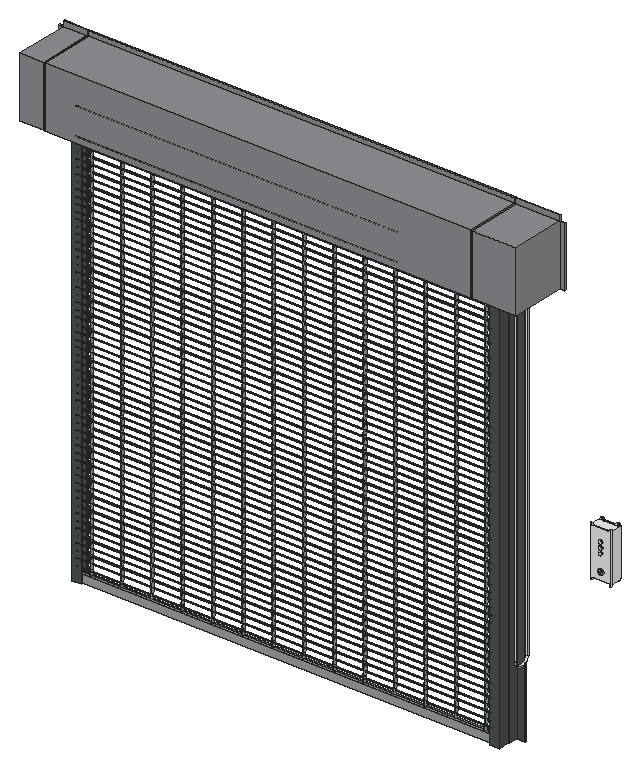
Revit family "Doors_Industrial_Overhead-Door-Corporation_EverServe-Springless-Security-Grilles-671S", category Specialty Equipment, host Wall, Revit 2026
Family settings
  Host = Wall
  Round Connector Dimension = Use Diameter
  Part Type = Normal
  Classification Number = 23.30.10.21.34
  Enable Cutting in Views = No
  Always vertical = Yes
  Cut with Voids When Loaded = Yes
  Maintain Annotation Orientation = No
  Shared = No
  Room Calculation Point = No
Parameters (values of type "208 volts, one phase, 60 Hz (208-240V range)")
  Warning Sign [instance] = if(Calculated Area > 683.00 SF, 1 = 1, 1 = 2)  # no
  Warning (Note) [instance] = if(Warning Sign, "The Door Area is out of the limit; please adjust accordingly. The maximum allowed area is 683 sq. ft.", if(Opening Height > 360", "Headroom Clearance Dimensions - out of the limits. Consult Factory", " "))  # " "
  Wall Thickness [instance] = 6"
  Voltage = 208 V
  True Opening Width [instance] = Clear Width  # 120"
  True Opening Height [instance] = Clear Height  # 120"
  Default Elevation = 0"
  Curtain Option [instance] = 1
  Slat Length [instance] = Clear Width + G Value * 2 - 1" / 2 * 2  # 126"
  Slat Height [instance] = 8"  # constant formula
  Curtain Option Real [instance] = if(Curtain Option < 2, 1, 2)  # 1
  Product Page URL = "https://www.overheaddoor.com/springless-security-grilles-671s"
  Power Factor = 1
  Powder Coat (Note) = "PowderGuard® Premium powder coat finish options are available in approximately 200 colors as well as custom matching to specification. PowderGuard® Textured finish, a thicker, more scratch resistant coat, is available in 11 colors providing enhanced scratch resistance as well as aiding in hiding the dirt and blemishes that often occur in commercial environments.​"  # constant formula
  Opening Width Real [instance] = if(Opening Width > Max Opening Width, Max Opening Width, if(Opening Width < Min Opening Width, Min Opening Width, Opening Width))  # 120"
  Opening Width [instance] = 120"
  Opening Height Real [instance] = if(Opening Height > Max Opening Height, Max Opening Height, if(Opening Height < Min Opening Height, Min Opening Height, Opening Height))  # 120"
  Opening Height [instance] = 120"
  One Array element [instance] = not(Array Vis)  # no
  Number of Poles = 1
  Motor Position [instance] = M Value - G Value  # 2 3/4"
  Min Opening Width [instance] = 18"  # constant formula
  Min Opening Height [instance] = 24"  # constant formula
  Max Opening Width [instance] = 360"  # constant formula
  Max Opening Height [instance] = 172"  # constant formula
  M Value [instance] = if(or(Opening Width < 108", Opening Width = 108"), 5 3/4", if(or(Opening Width < 180", Opening Width = 180"), 6 1/4", if(or(Opening Width < 240", Opening Width = 240"), 7 1/4", 9 1/4")))  # 6 1/4"
  Installation Real [instance] = Wall Thickness  # 6"
  Hood Type [instance] = "Square Hood"  # constant formula
  Hood Offset [instance] = 4"  # constant formula
  Hood Material [instance] = Metal - Overhead Door - Gray
  Hood Height [instance] = A Value + 2"  # 18"
  Headroom Height Real [instance] = Hood Offset + Hood Height  # 22"
  Headroom Height [instance] = Headroom Height Real + 1 1/2"  # 23 1/2"
  Guide Type [instance] = "Angled Z Guide"  # constant formula
  Guid Depth [instance] = D Value  # 6 1/4"
  G Value [instance] = if(or(Opening Width < 108", Opening Width = 108"), 3", if(or(Opening Width < 180", Opening Width = 180"), 3 1/2", if(or(Opening Width < 240", Opening Width = 240"), 4", 5 9/16")))  # 3 1/2"
  Frequency = 60 Hz
  Face of Wall Offset [instance] = 5"  # constant formula
  Door Width True [instance] = Clear Width + M Value * 2  # 132 1/2"
  Door Width (Real) [instance] = Clear Width + 1"  # 121"
  Door Height True [instance] = Clear Width + Headroom Height  # 143 1/2"
  Door Height (Real) [instance] = Clear Height + Hood Offset  # 124"
  URL = "https://www.overheaddoor.com/"
  Product data url = "https://www.bimobject.com/overhead-door/product/springless-security-grilles-671s"
  Product Guid = "0afe8b5e-bed1-4084-885f-62fec23f1598"
  Model = "671S"  # constant formula
  Manufacturer = "Overhead Door Corporation"  # constant formula
  Wall Closure = By host
  Floor To (CL) of Shaft [instance] = Clear Height + Hood Height / 2 + Hood Offset  # 133"
  Finish Material = Finish - Overhead Door - Black
  Description = "Everserve Model 671S Springless Grille"  # constant formula
  D Value [instance] = if(or(Opening Width < 108", Opening Width = 108"), 5 11/16", if(or(Opening Width < 180", Opening Width = 180"), 6 1/4", if(or(Opening Width < 240", Opening Width = 240"), 6 3/16", 7 1/16")))  # 6 1/4"
  Curtain Type [instance] = if(Curtain Option < 2, "Lattice", "Brick")  # "Lattice"
  Curtain Material Type [instance] = 671S : Aluminum
  Curtain Material 2 [instance] = 671S : Stainless Steel
  Curtain Material 1 [instance] = 671S : Aluminum
  Clear Width [instance] = Opening Width Real  # 120"
  Clear Height [instance] = Opening Height Real  # 120"
  Current = 20 A
  Bottom Bar Selection [instance] = if(Curtain Material Type = Curtain Material 1, 1, 2)  # 1
  Backroom Depth [instance] = A Value + 1/2"  # 16 1/2"
  BJ Displacement Real [instance] = 0"  # constant formula
  Array Vis [instance] = if(Array < 2, 1 = 2, 1 = 1)  # yes
  Array Real [instance] = if(Array < 2, 2, Array)  # 16
  Array Length [instance] = (Array) * Slat Height  # 128"
  Array [instance] = rounddown(([Door Height (Real)] - 3") / Slat Height) + 1  # 16
  Calculated Area [instance] = [Door Width (Real)] * [Door Height (Real)]  # 104.194 SF
  Apparent Load Phase 3 = if(Number of Poles = 1, 0 VA, (Voltage * Current * sqrt(3)) / 3)  # 0 VA
  Apparent Load Phase 2 = if(Number of Poles = 1, 0 VA, (Voltage * Current * sqrt(3)) / 3)  # 0 VA
  Apparent Load Phase 1 = if(Number of Poles = 1, Voltage * Current, (Voltage * Current * sqrt(3)) / 3)  # 4160 VA
  A Value [instance] = if(or(Clear Height < 72", Clear Height = 72"), 14", if(or(Clear Height < 120", Clear Height = 120"), 16", 18"))  # 16"
Reference planes (in)
  plane 1 "Center (Front/Back)": y = -14.625
  plane 2 "Center (Left/Right)": x = 0
  plane 3 "Left": x = -60
  plane 4 "Right": x = 60
  plane 5 "Exterior": y = -8.625
  plane 6 "Interior": y = -14.625
  plane 7: x = 66.25
  plane 8: x = -66.25
  plane 9: z = 120
  plane 10 "Main": y = -20.125
  plane 11 "Backroom Depth": y = -32.125
  plane 12 "Main Door Block": y = -15.625
  plane 13 "Bottom Bar": z = 2.75
  plane 14: y = -20.875
  plane 15: z = 130.75
  plane 16: z = 142
  plane 17: z = 124
  plane 18: z = 143.5
  plane 19: z = 0
  plane 20: z = 60
  plane 21: y = -20.03125
  plane 22: y = 18.375
  plane 23: y = -41.625
  plane 24 "Headroom Top": z = 143.5
  plane 25: z = 133
  plane 26: x = 63.5
  plane 27: x = -63.5
  plane 28: z = 122.75
  plane 29: z = 2.75
  plane 30: y = -20.125
  plane 31: z = 122.75
  plane 32: y = -20.125
  plane 33: z = 10.75
  plane 34: y = -20.125
  plane 35: z = 18.75
  plane 36: y = -20.125
  plane 37: z = 26.75
  plane 38: y = -20.125
  plane 39: z = 34.75
  plane 40: y = -20.125
  plane 41: z = 42.75
  plane 42: y = -20.125
  plane 43: z = 50.75
  plane 44: y = -20.125
  plane 45: z = 58.75
  plane 46: y = -20.125
  plane 47: z = 66.75
  plane 48: y = -20.125
  plane 49: z = 74.75
  plane 50: y = -20.125
  plane 51: z = 82.75
  plane 52: y = -20.125
  plane 53: z = 90.75
  plane 54: y = -20.125
  plane 55: z = 98.75
  plane 56: y = -20.125
  plane 57: z = 106.75
  plane 58: y = -20.125
  plane 59: z = 114.75
  plane 60: y = -20.125
Forms (in)
  Extrusion 1, void
    sketch origin (0, -15.625, 0) x (0, 0, -1) y (-1, 0, 0)
      loop
        line (-120, 60) -> (-120, -60) -> (0, -60) -> (0, 60) -> (-120, 60)
    from 1 to 7
Text (in)
  text "Exterior" at (-74.96733, 27.31104, 0), in view "Ref. Level"
  text "Interior" at (-74.96733, -25.14366, 0), in view "Ref. Level"
  text "Exterior" at (0, 40.15149, 123.01588), in view "Right"
  text "Interior" at (0, -64.39139, 123.01588), in view "Right"
  text "Interior" at (0, -31.01599, 123.00693), in view "Left"
  text "Exterior" at (0, 54.57065, 123.00693), in view "Left"
Dimensions and locks (in)
  equal spacing: plane 3 "Left", plane 2 "Center (Left/Right)", plane 4 "Right"
  "Clear Width": plane 3 "Left" to plane 4 "Right"
  level to host wall = 459.59655"
  "Clear Height": level to plane 9
  plane 7 to plane 8 = 132 1/2"
  equal spacing: plane 7, plane 2 "Center (Left/Right)", plane 8
  locked: plane 13 "Bottom Bar" to level at 2.75
  "Door Width True": plane 7 to plane 8
  "Array Length": plane 15 to plane 13 "Bottom Bar"
  "Backroom Depth": plane 11 "Backroom Depth" to plane 12 "Main Door Block"
  "Hood Height": plane 16 to plane 17
  locked: plane 18 to plane 16 at 1.5
  "Installation Real": plane 1 "Center (Front/Back)" to plane 5 "Exterior"
  "Wall Thickness": host wall to host wall
  equal spacing: plane 9, plane 20, plane 19
  equal spacing: plane 22, host wall, plane 23
  locked: plane 22 to plane 23 at 60
  "Hood Offset": plane 17 to plane 9
  "Headroom Height": plane 24 "Headroom Top" to plane 9
  "Floor To (CL) of Shaft": plane 25 to level
  "Motor Position": plane 7 to plane 26
  "Motor Position": plane 27 to plane 8
  "Guid Depth": plane 14 to plane 1 "Center (Front/Back)"
  "Slat Height": plane 15 to plane 28
  equal spacing: group 2, group 16, group 15, group 14, group 13, group 12, group 11, group 10, group 9, group 8, group 7, group 6, group 5, group 4, group 3, group 1  (x2)
  equal spacing: group 1, group 3, group 4, group 5, group 6, group 7, group 8, group 9, group 10, group 11, group 12, group 13, group 14, group 15, group 16, group 2
  locked: plane 14 to plane 10 "Main" at 0.75
  locked: plane 14 to plane 21 at 0.84375
  aligned and locked: plane 5 "Exterior" to host wall
  aligned and locked: host wall to plane 6 "Interior"
  aligned and locked: level to Extrusion 1 sketch curve
  aligned and locked: Extrusion 1 to plane 5 "Exterior"
  aligned and locked: plane 6 "Interior" to Extrusion 1
  aligned and locked: nested 1 to plane 2 "Center (Left/Right)"
  aligned and locked: nested 1 to level
  aligned and locked: level to plane 19
  aligned and locked: nested 1 to plane 1 "Center (Front/Back)"
  aligned and locked: plane 2 "Center (Left/Right)" to nested 2
  aligned and locked: nested 2 to plane 22
  aligned and locked: plane 23 to nested 3
  aligned and locked: nested 3 to plane 2 "Center (Left/Right)"
  aligned and locked: nested 4 to plane 20
  aligned and locked: plane 2 "Center (Left/Right)" to nested 4
  aligned and locked: nested 4 to plane 21
  aligned and locked: plane 4 "Right" to Extrusion 1 sketch curve
  aligned and locked: plane 3 "Left" to Extrusion 1 sketch curve
  aligned and locked: Extrusion 1 sketch curve to plane 9
  aligned and locked: plane 13 "Bottom Bar" to plane 29
  aligned and locked: plane 30 to plane 10 "Main"
  aligned and locked: plane 32 to plane 10 "Main"
  aligned and locked: plane 28 to plane 31
Nested families (in)
  nested 1: "Lifts" at (0, -14.625, 0), type "Frame Unit"
    with Square Hood yes, Round Hood no, Right Motor Position yes, Octagon Hood no, No Hood no
  nested 2: "Label Annotation 1" at (0, 18.375, 0), visible <- "Warning Sign", type "Label Annotation 1"
  nested 3: "Label Annotation 1" at (0, -41.625, 0) x (-1, 0, 0) z (0, 0, 1), visible <- "Warning Sign", type "Label Annotation 1"
  nested 4: "Warning Sign" at (0, -20.03125, 60), visible <- "Warning Sign", type "Warning Sign"
    with Warning Sign no
  nested 5: "671S" at (0, -20.125, 2.75), type <- "Curtain Material Type", Opening Width <- "Slat Length", Slat Option <- "Curtain Option Real", type "Aluminum"
    with Step H 9", Slat Option 1, SetBack 2", Second Rod Position 1.38", Overall Height 8.38", Opening Width 126", Lattice yes, First Rod Position 1", Brick End yes, Brick no, Array Visibility yes, Array Real 13, Array Length 117.16", Array 13, 1 Element Visibility no
  nested 6: "671S" at (0, -20.125, 122.75), type <- "Curtain Material Type", Opening Width <- "Slat Length", Slat Option <- "Curtain Option Real", type "Aluminum"
    with Step H 9", Slat Option 1, SetBack 2", Second Rod Position 1.38", Overall Height 8.38", Opening Width 126", Lattice yes, First Rod Position 1", Brick End yes, Brick no, Array Visibility yes, Array Real 13, Array Length 117.16", Array 13, 1 Element Visibility no
  nested 7: "671S" at (0, -20.125, 10.75), type <- "Curtain Material Type", Opening Width <- "Slat Length", Slat Option <- "Curtain Option Real", type "Aluminum"
    with Step H 9", Slat Option 1, SetBack 2", Second Rod Position 1.38", Overall Height 8.38", Opening Width 126", Lattice yes, First Rod Position 1", Brick End yes, Brick no, Array Visibility yes, Array Real 13, Array Length 117.16", Array 13, 1 Element Visibility no
  nested 8: "671S" at (0, -20.125, 18.75), type <- "Curtain Material Type", Opening Width <- "Slat Length", Slat Option <- "Curtain Option Real", type "Aluminum"
    with Step H 9", Slat Option 1, SetBack 2", Second Rod Position 1.38", Overall Height 8.38", Opening Width 126", Lattice yes, First Rod Position 1", Brick End yes, Brick no, Array Visibility yes, Array Real 13, Array Length 117.16", Array 13, 1 Element Visibility no
  nested 9: "671S" at (0, -20.125, 26.75), type <- "Curtain Material Type", Opening Width <- "Slat Length", Slat Option <- "Curtain Option Real", type "Aluminum"
    with Step H 9", Slat Option 1, SetBack 2", Second Rod Position 1.38", Overall Height 8.38", Opening Width 126", Lattice yes, First Rod Position 1", Brick End yes, Brick no, Array Visibility yes, Array Real 13, Array Length 117.16", Array 13, 1 Element Visibility no
  nested 10: "671S" at (0, -20.125, 34.75), type <- "Curtain Material Type", Opening Width <- "Slat Length", Slat Option <- "Curtain Option Real", type "Aluminum"
    with Step H 9", Slat Option 1, SetBack 2", Second Rod Position 1.38", Overall Height 8.38", Opening Width 126", Lattice yes, First Rod Position 1", Brick End yes, Brick no, Array Visibility yes, Array Real 13, Array Length 117.16", Array 13, 1 Element Visibility no
  nested 11: "671S" at (0, -20.125, 42.75), type <- "Curtain Material Type", Opening Width <- "Slat Length", Slat Option <- "Curtain Option Real", type "Aluminum"
    with Step H 9", Slat Option 1, SetBack 2", Second Rod Position 1.38", Overall Height 8.38", Opening Width 126", Lattice yes, First Rod Position 1", Brick End yes, Brick no, Array Visibility yes, Array Real 13, Array Length 117.16", Array 13, 1 Element Visibility no
  nested 12: "671S" at (0, -20.125, 50.75), type <- "Curtain Material Type", Opening Width <- "Slat Length", Slat Option <- "Curtain Option Real", type "Aluminum"
    with Step H 9", Slat Option 1, SetBack 2", Second Rod Position 1.38", Overall Height 8.38", Opening Width 126", Lattice yes, First Rod Position 1", Brick End yes, Brick no, Array Visibility yes, Array Real 13, Array Length 117.16", Array 13, 1 Element Visibility no
  nested 13: "671S" at (0, -20.125, 58.75), type <- "Curtain Material Type", Opening Width <- "Slat Length", Slat Option <- "Curtain Option Real", type "Aluminum"
    with Step H 9", Slat Option 1, SetBack 2", Second Rod Position 1.38", Overall Height 8.38", Opening Width 126", Lattice yes, First Rod Position 1", Brick End yes, Brick no, Array Visibility yes, Array Real 13, Array Length 117.16", Array 13, 1 Element Visibility no
  nested 14: "671S" at (0, -20.125, 66.75), type <- "Curtain Material Type", Opening Width <- "Slat Length", Slat Option <- "Curtain Option Real", type "Aluminum"
    with Step H 9", Slat Option 1, SetBack 2", Second Rod Position 1.38", Overall Height 8.38", Opening Width 126", Lattice yes, First Rod Position 1", Brick End yes, Brick no, Array Visibility yes, Array Real 13, Array Length 117.16", Array 13, 1 Element Visibility no
  nested 15: "671S" at (0, -20.125, 74.75), type <- "Curtain Material Type", Opening Width <- "Slat Length", Slat Option <- "Curtain Option Real", type "Aluminum"
    with Step H 9", Slat Option 1, SetBack 2", Second Rod Position 1.38", Overall Height 8.38", Opening Width 126", Lattice yes, First Rod Position 1", Brick End yes, Brick no, Array Visibility yes, Array Real 13, Array Length 117.16", Array 13, 1 Element Visibility no
  nested 16: "671S" at (0, -20.125, 82.75), type <- "Curtain Material Type", Opening Width <- "Slat Length", Slat Option <- "Curtain Option Real", type "Aluminum"
    with Step H 9", Slat Option 1, SetBack 2", Second Rod Position 1.38", Overall Height 8.38", Opening Width 126", Lattice yes, First Rod Position 1", Brick End yes, Brick no, Array Visibility yes, Array Real 13, Array Length 117.16", Array 13, 1 Element Visibility no
  nested 17: "671S" at (0, -20.125, 90.75), type <- "Curtain Material Type", Opening Width <- "Slat Length", Slat Option <- "Curtain Option Real", type "Aluminum"
    with Step H 9", Slat Option 1, SetBack 2", Second Rod Position 1.38", Overall Height 8.38", Opening Width 126", Lattice yes, First Rod Position 1", Brick End yes, Brick no, Array Visibility yes, Array Real 13, Array Length 117.16", Array 13, 1 Element Visibility no
  nested 18: "671S" at (0, -20.125, 98.75), type <- "Curtain Material Type", Opening Width <- "Slat Length", Slat Option <- "Curtain Option Real", type "Aluminum"
    with Step H 9", Slat Option 1, SetBack 2", Second Rod Position 1.38", Overall Height 8.38", Opening Width 126", Lattice yes, First Rod Position 1", Brick End yes, Brick no, Array Visibility yes, Array Real 13, Array Length 117.16", Array 13, 1 Element Visibility no
  nested 19: "671S" at (0, -20.125, 106.75), type <- "Curtain Material Type", Opening Width <- "Slat Length", Slat Option <- "Curtain Option Real", type "Aluminum"
    with Step H 9", Slat Option 1, SetBack 2", Second Rod Position 1.38", Overall Height 8.38", Opening Width 126", Lattice yes, First Rod Position 1", Brick End yes, Brick no, Array Visibility yes, Array Real 13, Array Length 117.16", Array 13, 1 Element Visibility no
  nested 20: "671S" at (0, -20.125, 114.75), type <- "Curtain Material Type", Opening Width <- "Slat Length", Slat Option <- "Curtain Option Real", type "Aluminum"
    with Step H 9", Slat Option 1, SetBack 2", Second Rod Position 1.38", Overall Height 8.38", Opening Width 126", Lattice yes, First Rod Position 1", Brick End yes, Brick no, Array Visibility yes, Array Real 13, Array Length 117.16", Array 13, 1 Element Visibility no
Connectors (in)
  electrical at (91.25, -17.915, 60), driven by "Apparent Load Phase 1", driven by "Apparent Load Phase 2", driven by "Apparent Load Phase 3", driven by "Power Factor", driven by "Voltage", driven by "Number of Poles"
    settings: on nested 1, index 1, voltage 208 V, apparent load 0 VA, apparent load phase1 4160 VA, apparent load phase2 0 VA, apparent load phase3 0 VA, power factor 1, load classification "Other", number of poles 1, system type 31, power factor state 1, is connector primary yes, connector utility no, sub classification motor no, connector description "Electrical Connector"
Definition of nested family "Lifts"
  Parameters (values of type "Frame Unit")
    True Width = if(Between Jambs, Opening Width, Opening Width + 1/2")  # 120 1/2"
    Square Hood [instance] = if(Hood Option = 2, 1 = 1, 1 = 2)  # yes
    Slat Material2 = none
    Slat Material1 = none
    Slat 2 = not(Slat 1)  # no
    Slat 1 = BB V = 1  # yes
    Round Hood [instance] = if(Hood Option > 3, 1 = 1, 1 = 2)  # no
    Rough Width = 0"
    Rough Height = 0"
    Right Motor Position [instance] = yes
    Octagon Hood [instance] = if(Hood Option = 3, 1 = 1, 1 = 2)  # no
    No Hood [instance] = if(Hood Option < 2, 1 = 1, 1 = 2)  # no
    M Value = 6 1/4"
    Hood Type = if(Hood Option < 2, "No Hood", if(Hood Option = 2, "Square Hood", if(Hood Option = 3, "Octagon Hood", "Round Hood")))  # "Square Hood"
    Hood Option = 2
    Hood Offset = 4"
    Hood Height = Headroom Height Real - Hood Offset  # 18"
    Headroom Height Real = Headroom Height  # 22"
    Half Hood Height = Headroom Height - Hood Offset  # 18"
    G Value = 3 1/2"
    E Guide Width = if(Between Jambs, Guide Offset - G Value + BJ Connection Length - BJ Displacement * 2 / 3, 3")  # 3"
    E Guide Height = 3"  # constant formula
    Z Guide = 1 = 1  # yes
    Shaft Offset = if(Hood Height < Header Width, (Header Width - (Header Width - Hood Height)) / 2, Header Width / 2)  # 8 1/4"
    Shaft Length 2 = 18"  # constant formula
    Shaft Length 1 = 12"  # constant formula
    Setback = if(Between Jambs, 0", 1/2")  # 1/2"
    Opening Width = 120"
    Hood Material = none
    Headroom Height = 22"
    Header Width = 16 1/2"
    Opening Height = 120"
    Guide Type = if(Between Jambs, "Angled Between Jambs Z Guide", if(Guide Option > 1, "Angled Z Guide", "Angled E Guide"))  # "Angled Z Guide"
    Guide Option = if(Between Jambs, 1, 2)  # 2
    Guide Offset = BJ Displacement + G Value  # 3 1/2"
    Guide Z Wide = if(Between Jambs, Guide Offset - G Value + BJ Connection Length - BJ Displacement * 2 / 3, M Value - G Value)  # 2 3/4"
    Guide Z Height = 3"  # constant formula
    Floor To (CL) of Shaft = 133"
    Finish Material = none
    Face to Wall Mount = not(Between Jambs)  # yes
    E Guide = if(Between Jambs, 1 = 1, 1 = 2)  # no
    Default Elevation = 0"
    D Value = 6 1/4"
    Chain offset = if(Opening Height < 35", Opening Height - 5", 30")  # 30"
    Between Jambs = no
    BJ Position = if(Between Jambs, 1/4", 0")  # 0"
    BJ Displacement = 0"
    BJ Connection Length = 1 / 3 * BJ Displacement  # 0"
    BB V = 1
    Angled Guide = 1 = 1  # yes
    Additional Elements Material = none
    1 = 14.57"  # constant formula
  Reference planes (in)
    plane 1 "Center (Front/Back)": y = 0
    plane 2: z = 0
    plane 3 "Center (Left/Right)": x = 0
    plane 4 "Opening Height": z = 120
    plane 5: x = -72
    plane 6: x = 78
    plane 7: z = 142
    plane 8: y = 16.5
    plane 9 "Real Opening 2": x = -60
    plane 10 "Real Opening 1": x = 60
    plane 11: z = 124
    plane 12 "Main": y = 0
    plane 13: z = 133
    plane 14: x = 63.5
    plane 15: x = -63.5
    plane 16: x = -63.5
    plane 17: x = 63.5
    plane 18: y = 6.25
    plane 19: x = -63.25
    plane 20: x = 63.25
    plane 21: z = 143.5
    plane 22: y = 6.25
    plane 23: y = 5.125
    plane 24: y = 6.25
    plane 25: y = 5.125
    plane 26: y = 0.25
    plane 27: z = 124
    plane 28: z = 30
    plane 29: z = 0
    plane 30: x = 74
    plane 31: x = 91.25
    plane 32: z = 60
    plane 33: x = 88.2
    plane 34: x = 94.3
    plane 35: y = 3.54
    plane 36: x = 76.25
    plane 37: x = -70.25
    plane 38: y = 6.25
    plane 39: y = 5.125
    plane 40: y = 6.25
    plane 41: y = 5.125
  Forms (in)
    Extrusion 1, solid, material <- "Slat Material1", visible <- "Slat 1"
      sketch origin (0, 0, 0) x (0, 1, 0) y (0, 0, 1)
        loop
          line (5.4375, 2.375) -> (5.4375, 2.75) -> (4.8125, 2.75) -> (4.8125, 2.375) -> (5.4375, 2.375)
      from -63.25 to 63.25
    Extrusion 2, solid, material <- "Slat Material1", visible <- "Slat 1"
      sketch origin (0, 0, 0) x (0, 1, 0) y (0, 0, 1)
        loop
          line (5.4375, 2.375) -> (4.8125, 2.375) -> (4.8125, 0) -> (5.4375, 0) -> (5.4375, 2.375)
      from -63.25 to 63.25
    Extrusion 3, solid, material <- "Additional Elements Material"
      sketch origin (0, -5.35201, 0) x (0, 1, 0) y (0, 0, 1)
        loop
          circle (13.60201, 133) r 0.6
      from -70.25 to 76.25
    Extrusion 4, solid, material <- "Hood Material", visible <- "Square Hood"
      sketch origin (0, 0, 0) x (0, 1, 0) y (0, 0, 1)
        loop
          line (0, 124) -> (16.5, 124) -> (16.5, 143.5) -> (0, 143.5) -> (0, 124)
      from -63.25 to 63.25
    Extrusion 5, solid, material <- "Finish Material", visible <- "E Guide"
      sketch origin (0, 0, 0) x (1, 0, 0) y (0, 1, 0)
        loop
          line (60.5, 0) -> (63.5, 0) -> (63.5, 3) -> (63.4375, 3)
          arc (63.4375, 3) -> (63.30492, 2.94508) -> (63.25, 2.8125) r 0.1875
          line (63.25, 2.8125) -> (63.25, 0.25) -> (60.6875, 0.25)
          arc (60.6875, 0.25) -> (60.55492, 0.19508) -> (60.5, 0.0625) r 0.1875
          line (60.5, 0.0625) -> (60.5, 0)
        loop
          line (-60.5, 0) -> (-60.5, 0.0625)
          arc (-60.5, 0.0625) -> (-60.55492, 0.19508) -> (-60.6875, 0.25) r 0.1875
          line (-60.6875, 0.25) -> (-63.25, 0.25) -> (-63.25, 2.8125)
          arc (-63.25, 2.8125) -> (-63.30492, 2.94508) -> (-63.4375, 3) r 0.1875
          line (-63.4375, 3) -> (-63.5, 3) -> (-63.5, 0) -> (-60.5, 0)
      from 0 to 124
    Extrusion 6, solid, material <- "Finish Material", visible <- "Z Guide"
      sketch origin (0, 0, 0) x (1, 0, 0) y (0, 1, 0)
        loop
          line (66.25, 0) -> (66.25, 0.062)
          arc (66.25, 0.062) -> (66.19494, 0.19494) -> (66.062, 0.25) r 0.188
          line (66.062, 0.25) -> (63.75, 0.25) -> (63.75, 2.812)
          arc (63.75, 2.812) -> (63.69494, 2.94494) -> (63.562, 3) r 0.188
          line (63.562, 3) -> (63.5, 3) -> (63.5, 0) -> (66.25, 0)
        loop
          line (-66.25, 0) -> (-63.5, 0) -> (-63.5, 3) -> (-63.562, 3)
          arc (-63.562, 3) -> (-63.69494, 2.94494) -> (-63.75, 2.812) r 0.188
          line (-63.75, 2.812) -> (-63.75, 0.25) -> (-66.062, 0.25)
          arc (-66.062, 0.25) -> (-66.19494, 0.19494) -> (-66.25, 0.062) r 0.188
          line (-66.25, 0.062) -> (-66.25, 0)
      from 0 to 124
    Extrusion 7, solid, material <- "Finish Material", visible <- "Angled Guide"
      sketch origin (0, 0, 0) x (1, 0, 0) y (0, 1, 0)
        loop
          line (60.5, 6.25) -> (60.5, 6.187)
          arc (60.5, 6.187) -> (60.55477, 6.05477) -> (60.687, 6) r 0.187
          line (60.687, 6) -> (63.25, 6) -> (63.25, 4.25) -> (60.5, 4.25) -> (60.5, 4.187)
          arc (60.5, 4.187) -> (60.55477, 4.05477) -> (60.687, 4) r 0.187
          line (60.687, 4) -> (63, 4) -> (63, 2.3125) -> (63.25, 2.3125) -> (63.25, 2) -> (63.5, 2) -> (63.5, 6.25) -> (60.5, 6.25)
        loop
          line (-60.5, 6.25) -> (-63.5, 6.25) -> (-63.5, 2) -> (-63.25, 2) -> (-63.25, 2.3125) -> (-63, 2.3125) -> (-63, 4) -> (-60.687, 4)
          arc (-60.687, 4) -> (-60.55477, 4.05477) -> (-60.5, 4.187) r 0.187
          line (-60.5, 4.187) -> (-60.5, 4.25) -> (-63.25, 4.25) -> (-63.25, 6) -> (-60.687, 6)
          arc (-60.687, 6) -> (-60.55477, 6.05477) -> (-60.5, 6.187) r 0.187
          line (-60.5, 6.187) -> (-60.5, 6.25)
      from 0 to 124
    Extrusion 8, solid, material <- "Hood Material"
      sketch origin (0, 0, 0) x (-1, 0, 0) y (0, 0, 1)
        loop
          line (63.25, 124) -> (63.5, 124) -> (63.5, 142) -> (63.25, 142) -> (63.25, 124)
        loop
          line (-63.5, 124) -> (-63.25, 124) -> (-63.25, 142) -> (-63.5, 142) -> (-63.5, 124)
      from 0 to 16.5
    Extrusion 9, solid, material <- "Hood Material"
      sketch origin (0, 0, 0) x (1, 0, 0) y (0, 1, 0)
        loop
          line (-72, 0) -> (-63.5, 0) -> (-63.5, 16.5) -> (-72, 16.5) -> (-72, 0)
        loop
          line (78, 0) -> (78, 16.5) -> (63.5, 16.5) -> (63.5, 0) -> (78, 0)
      from 124 to 143.5
    Extrusion 10, void
      sketch origin (0, 0, 0) x (1, 0, 0) y (0, 0, 1)
        loop
          line (-72, 143.5) -> (-72, 124) -> (-70.5, 124) -> (-70.5, 142) -> (76.5, 142) -> (76.5, 120) -> (78, 120) -> (78, 143.5) -> (-72, 143.5)
      from -0.25 to -16.5
    Extrusion 11, void
      sketch origin (0, 0, 0) x (1, 0, 0) y (0, 0, 1)
        loop
          line (-72, 142) -> (-70.5, 142) -> (-70.5, 143.5) -> (-72, 143.5) -> (-72, 142)
        loop
          line (78, 142) -> (78, 143.5) -> (76.5, 143.5) -> (76.5, 142) -> (78, 142)
      from 0 to -0.25
    Sweep 12, solid, material <- "Additional Elements Material"
      path origin (74, -12.75, 1000) x (0, -1, 0) y (0, 0, 1)
        loop
          line (-26.53866, -876) -> (-26.53866, -970)
          arc (-26.53866, -970) -> (-24.10116, -972.4375) -> (-21.66366, -970) r 2.4375
          line (-21.66366, -970) -> (-21.66366, -876)
      profile origin (74, 13.78866, 77) x (-1, 0, 0) y (0, -1, 0)
        loop
          circle (0, 0.2675) r 0.2675
    Extrusion 13, solid, material <- "Additional Elements Material"
      sketch origin (91.25, 0, 60) x (1, 0, 0) y (0, 0, 1)
        loop
          line (-3.05, 6.9501) -> (-3.05, -6.9501) -> (-2.68608, -7.50057)
          arc (-2.68608, -7.50057) -> (-2.29289, -7.67009) -> (-1.98022, -7.37757) r 0.3909
          arc (-1.98022, -7.37757) -> (-1.82768, -7.14063) -> (-1.56135, -7.04853) r 0.43113
          line (-1.56135, -7.04853) -> (1.56135, -7.04853)
          arc (1.56135, -7.04853) -> (1.82768, -7.14063) -> (1.98022, -7.37757) r 0.43113
          arc (1.98022, -7.37757) -> (2.29289, -7.67009) -> (2.68608, -7.50057) r 0.3909
          line (2.68608, -7.50057) -> (3.05, -6.9501) -> (3.05, 6.9501) -> (2.68608, 7.50057)
          arc (2.68608, 7.50057) -> (2.29289, 7.67009) -> (1.98022, 7.37757) r 0.3909
          arc (1.98022, 7.37757) -> (1.82768, 7.14063) -> (1.56135, 7.04853) r 0.43113
          line (1.56135, 7.04853) -> (-1.56135, 7.04853)
          arc (-1.56135, 7.04853) -> (-1.82768, 7.14063) -> (-1.98022, 7.37757) r 0.43113
          arc (-1.98022, 7.37757) -> (-2.29289, 7.67009) -> (-2.68608, 7.50057) r 0.3909
          line (-2.68608, 7.50057) -> (-3.05, 6.9501)
      from 0 to -3.29
    Extrusion 14, solid, material <- "Additional Elements Material"
      sketch origin (91.25, 0, 60) x (1, 0, 0) y (0, 0, 1)
        loop
          line (3.05, -7.50057) -> (3.05, 7.50057) -> (2.68608, 7.50057) -> (2.68608, 6.9501) -> (-2.68608, 6.9501) -> (-2.68608, 7.50057) -> (-3.05, 7.50057) -> (-3.05, -7.50057) -> (-2.68608, -7.50057) -> (-2.68608, -6.9501) -> (2.68608, -6.9501) -> (2.68608, -7.50057) -> (3.05, -7.50057)
      from -3.54 to -3.29
    Extrusion 15, void
      sketch origin (100.25, 0, 60) x (0, -1, 0) y (0, 0, -1)
        loop
          line (-3.29, -7.6759) -> (-0.25, -7.6759) -> (-0.25, -6.9501) -> (-3.29, -6.9501) -> (-3.29, -7.6759)
        loop
          line (-3.29, 7.6759) -> (-3.29, 6.9501) -> (-0.25, 6.9501) -> (-0.25, 7.6759) -> (-3.29, 7.6759)
      from -12.05 to -5.95
    Extrusion 16, solid, material <- "Additional Elements Material"
      sketch origin (91.25, 0, 60) x (1, 0, 0) y (0, 0, 1)
        loop
          circle (0, -4.5) r 0.75
        loop
          circle (0, 3.35363) r 0.5
        loop
          circle (0, 1.85363) r 0.5
        loop
          circle (0, 0.35363) r 0.5
      from -3.54 to -3.66
    Extrusion 17, solid, material <- "Additional Elements Material"
      sketch origin (91.25, 0, 59.5) x (1, 0, 0) y (0, 0, 1)
        loop
          line (-0.6134, -3.85528) -> (-0.6134, -4.14472) -> (1.1366, -4.14472) -> (1.1366, -3.85528) -> (-0.6134, -3.85528)
      from -3.66 to -4.03743
    Extrusion 18, solid, material <- "Slat Material2", visible <- "Slat 2"
      sketch origin (0, 3.11593, 0) x (0, 1, 0) y (0, 0, 1)
        loop
          line (2.32157, 2.375) -> (2.32157, 2.75) -> (1.69657, 2.75) -> (1.69657, 2.375) -> (2.32157, 2.375)
      from -63.25 to 63.25
    Extrusion 19, solid, material <- "Slat Material2", visible <- "Slat 2"
      sketch origin (0, 3.11593, 0) x (0, 1, 0) y (0, 0, 1)
        loop
          line (2.32157, 2.375) -> (1.69657, 2.375) -> (1.69657, 0) -> (2.32157, 0) -> (2.32157, 2.375)
      from -63.25 to 63.25
  Cuts and joins
    Extrusion 10, Extrusion 11 cuts Extrusion 9
    Extrusion 10 cuts Extrusion 4
    Extrusion 15 cuts Extrusion 13
  Lines and regions (in)
    Masking region 1
      outline origin (0, 0, 0) x (1, 0, 0) y (0, 1, 0)
        loop
          line (-63.5, 16.5) -> (-63.5, 0) -> (63.5, 0) -> (63.5, 16.5) -> (-63.5, 16.5)
    Masking region 2
      outline origin (0, 0, 0) x (1, 0, 0) y (0, 1, 0)
        loop
          line (63.5, 0) -> (78, 0) -> (78, 0.25) -> (76.5, 0.25) -> (76.5, 16.5) -> (63.5, 16.5) -> (63.5, 0)
        loop
          line (-63.5, 0) -> (-63.5, 16.5) -> (-70.5, 16.5) -> (-70.5, 0.25) -> (-72, 0.25) -> (-72, 0) -> (-63.5, 0)
    Masking region 3
      outline origin (0, 0, 0) x (1, 0, 0) y (0, 1, 0)
        loop
          line (88.2, 3.54) -> (88.2, 0) -> (94.3, 0) -> (94.3, 3.54) -> (88.2, 3.54)
    Masking region 4
      outline origin (91.25, 0, 60) x (0, -1, 0) y (1, 0, 0)
        loop
          line (-3.54, -0.75) -> (-3.54, 0.75) -> (-3.66, 0.75) -> (-3.66, 1.1366) -> (-4.03743, 1.1366) -> (-4.03743, -0.6134) -> (-3.66, -0.6134) -> (-3.66, -0.75) -> (-3.54, -0.75)
    symbolic lines
      curve 1: line (-63.25, 0, 0) -> (-63.25, 16.5, 0)
      curve 2: line (63.25, 16.5, 0) -> (63.25, 0, 0)
      curve 4: line (-72, 0.25, 0) -> (78, 0.25, 0)
      curve 6: line (88.2, 3.29, 0) -> (94.3, 3.29, 0)
      curve 7: line (88.2, 0.25, 0) -> (94.3, 0.25, 0)
      curve 8: line (90.5, 3.66, 60) -> (92.3866, 3.66, 60)
    symbolic lines, visible <- "Octagon Hood"
      curve 3: line (-63.25, 12.69239, 0) -> (63.25, 12.69239, 0)
    reference lines
      curve 5: line (91.25, 0, 60) -> (100.25, 0, 60)
  Dimensions and locks (in)
    Extrusion 1 sketch curve to level = 2 3/8"
    locked: Extrusion 1 sketch curve to Extrusion 1 sketch curve at 0.625
    locked: Extrusion 2 sketch curve to level at 2.375
    "Headroom Height Real": plane 7 to plane 4 "Opening Height"
    plane 8 to plane 1 "Center (Front/Back)" = 16 1/2"
    "Opening Height": plane 4 "Opening Height" to level
    "Hood Offset": plane 11 to plane 4 "Opening Height"
    "BJ Position": plane 12 "Main" to plane 1 "Center (Front/Back)"
    "Header Width": plane 12 "Main" to plane 8
    "Floor To (CL) of Shaft": plane 13 to level
    "Shaft Offset": Extrusion 3 sketch curve to plane 8
    locked: Extrusion 2 sketch curve to Extrusion 2 sketch curve at 0.625
    "Guide Offset": plane 10 "Real Opening 1" to plane 14
    "Guide Offset": plane 15 to plane 9 "Real Opening 2"
    locked: Extrusion 5 sketch curve to Extrusion 5 sketch curve at 0.25  (x4)
    "E Guide Height": Extrusion 5 sketch curve to Extrusion 5 sketch curve  (x2)
    "E Guide Width": Extrusion 5 sketch curve to Extrusion 5 sketch curve  (x2)
    locked: Extrusion 6 sketch curve to Extrusion 6 sketch curve at 0.25  (x4)
    "Guide Z Wide": Extrusion 6 sketch curve to Extrusion 6 sketch curve  (x2)
    "Guide Z Height": Extrusion 6 sketch curve to Extrusion 6 sketch curve  (x2)
    locked: Extrusion 7 sketch curve to Extrusion 7 sketch curve at 0.25  (x8)
    locked: Extrusion 7 sketch curve to Extrusion 7 sketch curve at 2.25  (x2)
    locked: Extrusion 7 sketch curve to Extrusion 7 sketch curve at 4.25  (x2)
    locked: Extrusion 7 sketch curve to Extrusion 7 sketch curve at 0.3125  (x2)
    "Setback": plane 10 "Real Opening 1" to Extrusion 7 sketch curve
    "Setback": Extrusion 7 sketch curve to plane 9 "Real Opening 2"
    equal spacing: plane 15, plane 3 "Center (Left/Right)", plane 14
    "G Value": Extrusion 6 sketch curve to plane 9 "Real Opening 2"
    "G Value": plane 10 "Real Opening 1" to Extrusion 6 sketch curve
    "G Value": plane 10 "Real Opening 1" to plane 17
    "G Value": plane 16 to plane 9 "Real Opening 2"
    "Shaft Length 1": plane 5 to plane 9 "Real Opening 2"
    "Shaft Length 2": plane 6 to plane 10 "Real Opening 1"
    locked: Extrusion 2 to plane 17 at 0.25
    locked: Extrusion 2 to plane 16 at 0.25
    locked: plane 16 to plane 19 at 0.25
    locked: plane 20 to plane 17 at 0.25
    equal spacing: plane 9 "Real Opening 2", plane 3 "Center (Left/Right)", plane 10 "Real Opening 1"
    "Opening Width": plane 9 "Real Opening 2" to plane 10 "Real Opening 1"
    locked: plane 21 to plane 7 at 1.5
    "D Value": plane 1 "Center (Front/Back)" to plane 18
    "D Value": plane 22 to plane 1 "Center (Front/Back)"
    locked: plane 22 to plane 23 at 1.125
    equal spacing: Extrusion 1 sketch curve, plane 23, Extrusion 1 sketch curve
    "D Value": plane 24 to plane 1 "Center (Front/Back)"
    locked: plane 24 to plane 25 at 1.125
    equal spacing: Extrusion 2 sketch curve, plane 25, Extrusion 2 sketch curve
    "G Value": plane 10 "Real Opening 1" to Extrusion 7 sketch curve
    "G Value": Extrusion 7 sketch curve to plane 9 "Real Opening 2"
    locked: Extrusion 10 sketch curve to Extrusion 10 sketch curve at 1.5  (x2)
    locked: plane 26 to plane 12 "Main" at 0.25
    locked: Extrusion 11 sketch curve to Extrusion 11 sketch curve at 1.5  (x2)
    "Chain offset": plane 28 to plane 29
    locked: plane 30 to plane 6 at 4
    locked: plane 20 to plane 31 at 28
    locked: plane 32 to level at 60
    locked: curve 5 to curve 5 at 9
    plane 1 "Center (Front/Back)" to plane 35 = 3.54"
    equal spacing: plane 33, plane 31, plane 34
    locked: plane 33 to plane 34 at 6.1
    locked: plane 5 to plane 37 at 1.75
    locked: plane 36 to plane 6 at 1.75
    locked: Extrusion 18 sketch curve to Extrusion 18 sketch curve at 0.625
    locked: Extrusion 19 sketch curve to Extrusion 19 sketch curve at 0.625
    locked: plane 38 to plane 39 at 1.125
    equal spacing: Extrusion 18 sketch curve, plane 39, Extrusion 18 sketch curve
    locked: plane 40 to plane 41 at 1.125
    equal spacing: Extrusion 19 sketch curve, plane 41, Extrusion 19 sketch curve
    locked: Extrusion 19 sketch curve to Extrusion 19 sketch curve at 2.375
    locked: Extrusion 18 sketch curve to Extrusion 18 sketch curve at 0.375
    locked: Extrusion 18 sketch curve to level at 2.375
    "D Value": plane 12 "Main" to plane 40
    "D Value": plane 12 "Main" to plane 38
    radius of Extrusion 5 sketch curve = 3/16"  (x4)
    radius of Extrusion 6 sketch curve = 0.188"  (x4)
    locked: Extrusion 7 sketch curve to Extrusion 7 sketch curve (radius 0.187")  (x4)
    aligned and locked: plane 2 to level
    aligned and locked: Extrusion 4 sketch curve to plane 8
    aligned and locked: plane 13 to Extrusion 3 sketch curve
    aligned and locked: plane 12 "Main" to Extrusion 5 sketch curve  (x2)
    aligned and locked: Extrusion 5 sketch curve to plane 14
    aligned and locked: plane 15 to Extrusion 5 sketch curve
    aligned and locked: Extrusion 6 sketch curve to plane 1 "Center (Front/Back)"  (x2)
    aligned and locked: Extrusion 7 sketch curve to Extrusion 7 sketch curve  (x4)
    aligned and locked: plane 18 to Extrusion 7 sketch curve
    aligned and locked: Extrusion 7 sketch curve to plane 18
    aligned and locked: plane 12 "Main" to Extrusion 4 sketch curve
    aligned and locked: Extrusion 8 sketch curve to plane 11  (x2)
    aligned and locked: Extrusion 8 sketch curve to plane 7  (x2)
    aligned and locked: plane 16 to Extrusion 8 sketch curve
    aligned and locked: Extrusion 8 sketch curve to plane 17
    aligned and locked: Masking region 1 sketch curve to Extrusion 4
    aligned and locked: Masking region 1 to curve 2  (x2)
    aligned and locked: Masking region 1 to curve 1  (x2)
    aligned and locked: Extrusion 2 to Extrusion 1
    aligned and locked: Extrusion 1 to Extrusion 2
    aligned and locked: Masking region 1 to plane 16
    aligned and locked: Masking region 1 to plane 17
    aligned and locked: plane 19 to Extrusion 8 sketch curve
    aligned and locked: plane 20 to Extrusion 8 sketch curve
    aligned and locked: plane 19 to Extrusion 4
    aligned and locked: Extrusion 4 to plane 20
    aligned and locked: plane 8 to Extrusion 8
    aligned and locked: plane 19 to curve 3
    aligned and locked: plane 20 to curve 3
    aligned and locked: Extrusion 4 sketch curve to plane 11
    aligned and locked: Extrusion 6 to plane 11
    aligned and locked: plane 11 to Extrusion 5
    aligned and locked: plane 11 to Extrusion 7
    aligned and locked: Extrusion 9 sketch curve to plane 5
    aligned and locked: plane 16 to Extrusion 9 sketch curve
    aligned and locked: plane 1 "Center (Front/Back)" to Extrusion 9 sketch curve
    aligned and locked: Extrusion 9 sketch curve to plane 8  (x2)
    aligned and locked: Extrusion 9 sketch curve to plane 6
    aligned and locked: Extrusion 9 sketch curve to plane 14
    aligned and locked: Extrusion 9 sketch curve to plane 1 "Center (Front/Back)"
    aligned and locked: Extrusion 9 to plane 11
    aligned and locked: Extrusion 9 to plane 21
    aligned and locked: Extrusion 10 sketch curve to plane 21
    aligned and locked: Extrusion 10 sketch curve to plane 7
    aligned and locked: Extrusion 10 sketch curve to plane 5
    aligned and locked: Extrusion 10 sketch curve to plane 6
    aligned and locked: Extrusion 10 sketch curve to plane 11
    aligned and locked: Extrusion 10 sketch curve to plane 4 "Opening Height"
    aligned and locked: Extrusion 10 to plane 8
    aligned and locked: Extrusion 10 to plane 26
    aligned and locked: Extrusion 4 sketch curve to plane 21
    aligned and locked: Extrusion 11 sketch curve to plane 5
    aligned and locked: Extrusion 11 sketch curve to plane 6
    aligned and locked: Extrusion 11 sketch curve to plane 7
    aligned and locked: Extrusion 11 sketch curve to plane 21
    aligned and locked: plane 21 to Extrusion 11 sketch curve
    aligned and locked: plane 7 to Extrusion 11 sketch curve
    aligned and locked: plane 26 to Extrusion 11
    aligned and locked: Extrusion 11 to plane 1 "Center (Front/Back)"
    aligned and locked: Masking region 2 sketch curve to plane 14
    aligned and locked: Masking region 2 sketch curve to cut or joined group of Extrusion 9, Extrusion 10, Extrusion 11  (x5)
    aligned and locked: cut or joined group of Extrusion 9, Extrusion 10, Extrusion 11 to Masking region 2 sketch curve
    aligned and locked: Masking region 2 sketch curve to plane 6
    aligned and locked: plane 16 to Masking region 2 sketch curve
    aligned and locked: Masking region 2 sketch curve to plane 26
    aligned and locked: Masking region 2 sketch curve to plane 5
    aligned and locked: plane 1 "Center (Front/Back)" to Masking region 2 sketch curve
    aligned and locked: curve 4 to plane 26
    aligned and locked: plane 5 to curve 4
    aligned and locked: plane 27 to Sweep 12 sketch curve  (x2)
    aligned and locked: plane 28 to Sweep 12 sketch curve  (x2)
    aligned and locked: plane 11 to plane 27
    aligned and locked: level to plane 29
    aligned and locked: plane 31 to curve 5
    aligned and locked: curve 5 to plane 32
    aligned and locked: Extrusion 3 to plane 36
    aligned and locked: plane 37 to Extrusion 3
    aligned and locked: plane 35 to Masking region 3
    aligned and locked: plane 1 "Center (Front/Back)" to Extrusion 13
    aligned and locked: Extrusion 13 sketch curve to plane 34
    aligned and locked: Extrusion 13 sketch curve to plane 33
    aligned and locked: plane 34 to Masking region 3 sketch curve
    aligned and locked: Masking region 3 sketch curve to plane 33
    aligned and locked: Masking region 3 sketch curve to plane 35
    aligned and locked: plane 33 to Extrusion 15
    aligned and locked: Extrusion 15 to plane 34
    aligned and locked: plane 33 to curve 6
    aligned and locked: plane 34 to curve 6
    aligned and locked: plane 33 to curve 7
    aligned and locked: plane 34 to curve 7
    aligned and locked: plane 19 to Extrusion 18
    aligned and locked: Extrusion 18 to plane 20
    aligned and locked: Extrusion 19 to plane 20
    aligned and locked: plane 19 to Extrusion 19
    aligned and locked: level to Extrusion 19 sketch curve
  Automatic sketch dimensions
    curve 4 to plane 6 = 0"
    curve 7 to plane 26 = 0"
    curve 6 to plane 35 = 1/4"
    curve 3 to curve 1 = 3.80761"
    Masking region 1 sketch curve to plane 1 "Center (Front/Back)" = 0"
    Masking region 1 sketch curve to plane 15 = 0"
    Masking region 1 sketch curve to plane 14 = 0"
    Sweep 12 sketch curve to plane 8 = 2.71134"
    Sweep 12 sketch curve to Sweep 12 sketch curve = 2 7/16"
    Sweep 12 sketch curve to profile plane = 0"
    Sweep 12 sketch curve to profile plane = 0.2675"
    Extrusion 13 sketch curve to Extrusion 13 sketch curve = 0.36392"  (x2)
    Extrusion 13 sketch curve to Extrusion 13 sketch curve = 0.32608"  (x4)
    Extrusion 13 sketch curve to Extrusion 13 sketch curve = 0.79865"  (x2)
    Extrusion 13 sketch curve to Extrusion 13 sketch curve = 1.48865"
    curve 5 to Extrusion 13 sketch curve = 1.56135"
    Extrusion 13 sketch curve to Extrusion 13 sketch curve = 0.69"  (x2)
    Extrusion 13 sketch curve to curve 5 = 7.50057"  (x2)
    Extrusion 13 sketch curve to Extrusion 13 sketch curve = 0.0209"  (x2)
    Extrusion 13 sketch curve to Extrusion 13 sketch curve = 0.21557"  (x4)
    Extrusion 13 sketch curve to Extrusion 13 sketch curve = 0.43113"  (x3)
    Extrusion 13 sketch curve to Extrusion 13 sketch curve = 0.55048"  (x2)
    curve 5 to Extrusion 13 sketch curve = 6.9501"  (x2)
    Extrusion 13 sketch curve to Extrusion 13 sketch curve = 0.09844"
    Extrusion 13 sketch curve to Extrusion 13 sketch curve = 0.3349"  (x2)
    plane 1 "Center (Front/Back)" to Masking region 3 sketch curve = 0"
    Extrusion 14 sketch curve to curve 5 = 3.05"
    Extrusion 14 sketch curve to Extrusion 14 sketch curve = 0.36392"  (x3)
    curve 5 to Extrusion 14 sketch curve = 2.68608"  (x2)
    Extrusion 14 sketch curve to curve 5 = 7.50057"  (x2)
    Extrusion 14 sketch curve to Extrusion 14 sketch curve = 0.55048"  (x3)
    curve 5 to Extrusion 14 sketch curve = 6.9501"
    Extrusion 15 sketch curve to plane 26 = 0"  (x2)
    Extrusion 15 sketch curve to plane 35 = 1/4"  (x2)
    plane 32 to Extrusion 15 sketch curve = 7.6759"
    Extrusion 15 sketch curve to Extrusion 15 sketch curve = 0.7258"  (x2)
    Extrusion 15 sketch curve to plane 32 = 6.9501"
    Extrusion 16 sketch curve to curve 5 = 0"  (x3)
    curve 5 to Extrusion 16 sketch curve = 0"
    Extrusion 16 sketch curve to curve 5 = 4 1/2"
    curve 5 to Extrusion 16 sketch curve = 0.35363"
    curve 5 to Extrusion 16 sketch curve = 1.85363"
    curve 5 to Extrusion 16 sketch curve = 3.35363"
    Extrusion 17 sketch curve to curve 5 = 0.6134"
    curve 5 to Extrusion 17 sketch curve = 1.1366"
    Extrusion 17 sketch curve to curve 5 = 4.64472"
    Extrusion 17 sketch curve to Extrusion 17 sketch curve = 0.28943"
    Masking region 4 sketch curve to curve 5 = 4.03743"
    Masking region 4 sketch curve to Masking region 4 sketch curve = 0.37743"  (x2)
    Masking region 4 sketch curve to Masking region 4 sketch curve = 0.12"
    Masking region 4 sketch curve to curve 5 = 3/4"
    Masking region 4 sketch curve to Masking region 4 sketch curve = 0.1366"
    curve 5 to Masking region 4 sketch curve = 3/4"
    Masking region 4 sketch curve to Masking region 4 sketch curve = 0.3866"
    curve 8 to curve 5 = 3.66"
    curve 8 to curve 5 = 3/4"
    curve 5 to curve 8 = 1.1366"
    Extrusion 1 sketch curve to Extrusion 1 sketch curve = 3/8"
    Extrusion 2 sketch curve to level = 0"
    radius of Extrusion 3 sketch curve = 0.6"
    radius of Sweep 12 sketch curve = 0.2675"
    radius of Extrusion 16 sketch curve = 3/4"
    radius of Extrusion 16 sketch curve = 1/2"  (x3)
Definition of nested family "671S"
  Parameters (values of type "Stainless Steel")
    Step H [instance] = 9"  # constant formula
    Slat Width = 3/4"  # constant formula
    Slat Option [instance] = 1
    SetBack [instance] = 2"  # constant formula
    Second Rod Position [instance] = if(Lattice, 1.38", if(Brick, 2.38", 3.38"))  # 1.38"
    Panel Material = none
    Overall Height [instance] = if(Lattice, 8.38", if(Brick, 8.38", 12.38"))  # 8.38"
    Opening Width [instance] = 124"
    Lattice [instance] = if(Slat Option < 2, 1 = 1, 1 = 2)  # yes
    First Rod Position [instance] = if(Lattice, 1", 0")  # 1"
    Default Elevation = 48"
    Brick End [instance] = if(Brick, 1 = 2, 1 = 1)  # yes
    Brick [instance] = not(Lattice)  # no
    Array Visibility [instance] = if(Array < 2, 1 = 2, 1 = 1)  # yes
    Array Real [instance] = if(Array < 2, 2, Array)  # 12
    Array Length [instance] = (Array) * Step H + 0.16"  # 108.16"
    Array [instance] = rounddown((Opening Width) / Step H) - 1  # 12
    Analytic Construction = "<None>"
    1 Element Visibility [instance] = not(Array Visibility)  # no
  Types (2): name
    Stainless Steel
    Galvanized Steel
  Reference planes (in)
    plane 1 "Center (Front/Back)": y = 0
    plane 2: z = 0
    plane 3 "Center (Left/Right)": x = 0
    plane 4: x = -62
    plane 5: x = 62
    plane 6: y = 0.75
    plane 7: y = 0
    plane 8: z = 0
    plane 9: z = 1
    plane 10: y = 0.375
    plane 11 "Left": x = -54.08
    plane 12: x = -64
    plane 13: x = 64
    plane 14: z = 8.38
    plane 15: x = 54.08
    plane 16: x = 45.08
    plane 17: z = 7
    plane 18: x = 36.08
  Forms (in)
    Extrusion 1, solid, material <- "Panel Material"
      sketch origin (0, -4.98186, 2) x (0, 1, 0) y (0, 0, 1)
        loop
          circle (5.35686, -1) r 0.15625
        loop
          circle (5.35686, 1) r 0.16
      from -62 to 62
    Extrusion 2, solid, material <- "Panel Material"
      sketch origin (0, -4.98186, 2) x (0, 1, 0) y (0, 0, 1)
        loop
          circle (5.35686, 5) r 0.15625
        loop
          circle (5.35686, 3) r 0.16
      from -62 to 62
  Dimensions and locks (in)
    equal spacing: plane 4, plane 3 "Center (Left/Right)", plane 5
    "Opening Width": plane 4 to plane 5
    "Slat Width": plane 1 "Center (Front/Back)" to plane 6
    "First Rod Position": plane 9 to level
    equal spacing: plane 1 "Center (Front/Back)", plane 10, plane 6
    locked: plane 12 to plane 4 at 2
    locked: plane 13 to plane 5 at 2
    "Overall Height": plane 14 to level
    equal spacing: plane 11 "Left", plane 3 "Center (Left/Right)", plane 15
    "Array Length": plane 11 "Left" to plane 15
    "Step H": plane 16 to plane 15
    "Second Rod Position": plane 14 to plane 17
    "Step H": plane 18 to plane 16
    equal spacing: group 12, group 11, group 10, group 9, group 8, group 7, group 6, group 5, group 4, group 3, group 2, group 1
    equal spacing: group 1, group 2, group 3, group 4, group 5, group 6, group 7, group 8, group 9, group 10, group 11, group 12  (x2)
    "SetBack": plane 17 to Extrusion 2 sketch curve
    "SetBack": Extrusion 1 sketch curve to Extrusion 1 sketch curve
    radius of Extrusion 1 sketch curve = 5/32"
    radius of Extrusion 2 sketch curve = 5/32"
    radius of Extrusion 2 sketch curve = 0.16"
    radius of Extrusion 1 sketch curve = 0.16"
    aligned and locked: plane 2 to level
    aligned and locked: plane 1 "Center (Front/Back)" to plane 7
    aligned and locked: level to plane 8
    aligned and locked: plane 4 to Extrusion 1
    aligned and locked: plane 5 to Extrusion 1
    aligned and locked: plane 10 to Extrusion 1 sketch curve
    aligned and locked: plane 17 to Extrusion 2 sketch curve
    aligned and locked: plane 10 to Extrusion 2 sketch curve
    aligned and locked: plane 5 to Extrusion 2
    aligned and locked: plane 4 to Extrusion 2
    aligned and locked: nested 1 to plane 15
    aligned and locked: plane 8 to nested 1
    aligned and locked: plane 8 to nested 2
    aligned and locked: plane 8 to nested 3
    aligned and locked: nested 2 to plane 16
    aligned and locked: nested 3 to plane 18
    aligned and locked: plane 9 to Extrusion 1 sketch curve
    aligned and locked: plane 8 to nested 11
    aligned and locked: nested 11 to plane 16
  Automatic sketch dimensions
    Extrusion 1 sketch curve to plane 10 = 0"
    Extrusion 2 sketch curve to plane 10 = 0"
  Nested families (in)
    nested 1: "Family1" at (54.08, 0, 0), Individual Brick <- "Brick End", type "Family1"
      with Individual Brick yes
    nested 2: "Family1" at (45.08, 0, 0), visible <- "Array Visibility", type "Family1"
      with Individual Brick yes
    nested 3: "Family1" at (36.08, 0, 0), visible <- "Array Visibility", type "Family1"
      with Individual Brick yes
    nested 4: "Family1" at (27.08, 0, 0), visible <- "Array Visibility", type "Family1"
      with Individual Brick yes
    nested 5: "Family1" at (18.08, 0, 0), visible <- "Array Visibility", type "Family1"
      with Individual Brick yes
    nested 6: "Family1" at (9.08, 0, 0), visible <- "Array Visibility", type "Family1"
      with Individual Brick yes
    nested 7: "Family1" at (0.08, 0, 0), visible <- "Array Visibility", type "Family1"
      with Individual Brick yes
    nested 8: "Family1" at (-8.92, 0, 0), visible <- "Array Visibility", type "Family1"
      with Individual Brick yes
    nested 9: "Family1" at (-17.92, 0, 0), visible <- "Array Visibility", type "Family1"
      with Individual Brick yes
    nested 10: "Family1" at (-26.92, 0, 0), visible <- "Array Visibility", type "Family1"
      with Individual Brick yes
    nested 11: "Family1" at (45.08, 0, 0), visible <- "1 Element Visibility", type "Family1"
      with Individual Brick yes
    nested 12: "Family1" at (-35.92, 0, 0), visible <- "Array Visibility", type "Family1"
      with Individual Brick yes
    nested 13: "Family1" at (-44.92, 0, 0), visible <- "Array Visibility", type "Family1"
      with Individual Brick yes
    nested 14: "Family1" at (-53.92, 0, 0), visible <- "Array Visibility", type "Family1"
      with Individual Brick yes
  Definition of nested family "Family1"
    Parameters (values of type "Family1")
      Wide = 3/4"  # constant formula
      Slat Material = none
      SetBack = 2"  # constant formula
      Lattice = yes
      Individual Brick [instance] = yes
      Height = 8.38"  # constant formula
      Default Elevation = 48"
      Brick Offset = if(Brick, 4.34", 0")  # 0"
      Brick = no
    Reference planes (in)
      plane 1 "Center (Front/Back)": y = 0
      plane 2: z = 0
      plane 3 "Center (Left/Right)": x = 0
      plane 4: z = 8.38
      plane 5 "Brick": x = 0
      plane 6: z = 2
      plane 7: z = 0
      plane 8: z = 8.005
      plane 9: z = 6.005
      plane 10: z = 4.005
      plane 11: z = 2.005
      plane 12: z = 4
      plane 13: z = 6
    Forms (in)
      Extrusion 1, solid, material <- "Slat Material"
        sketch origin (0, 0, 0) x (0, 1, 0) y (0, 0, 1)
          loop
            line (0, 2) -> (0, 0)
            arc (0, 0) -> (0.375, -0.375) -> (0.75, 0) r 0.375
            line (0.75, 0) -> (0.75, 2)
            arc (0.75, 2) -> (0.375, 2.375) -> (0, 2) r 0.375
          loop
            line (0, 6) -> (0, 4)
            arc (0, 4) -> (0.375, 3.625) -> (0.75, 4) r 0.375
            line (0.75, 4) -> (0.75, 6)
            arc (0.75, 6) -> (0.375, 6.375) -> (0, 6) r 0.375
        from 0 to -0.16
      Extrusion 2, solid, material <- "Slat Material", visible <- "Individual Brick"
        sketch origin (0, -180, -12.72415) x (0, 0, -1) y (0, -1, 0)
          loop
            arc (-20.72915, -180) -> (-21.10415, -180.375) -> (-20.72915, -180.75) r 0.375
            line (-20.72915, -180.75) -> (-18.72915, -180.75)
            arc (-18.72915, -180.75) -> (-18.35415, -180.375) -> (-18.72915, -180) r 0.375
            line (-18.72915, -180) -> (-20.72915, -180)
          loop
            arc (-16.72915, -180) -> (-17.10415, -180.375) -> (-16.72915, -180.75) r 0.375
            line (-16.72915, -180.75) -> (-14.72915, -180.75)
            arc (-14.72915, -180.75) -> (-14.35415, -180.375) -> (-14.72915, -180) r 0.375
            line (-14.72915, -180) -> (-16.72915, -180)
        from 0 to -0.16
    Dimensions and locks (in)
      "Height": plane 4 to level
      "Brick Offset": plane 5 "Brick" to plane 3 "Center (Left/Right)"
      "Wide": Extrusion 1 sketch curve to Extrusion 1 sketch curve
      "SetBack": plane 6 to plane 7
      "Wide": Extrusion 2 sketch curve to Extrusion 2 sketch curve  (x2)
      "SetBack": plane 8 to plane 9
      locked: plane 4 to plane 8 at 0.375
      "SetBack": plane 9 to plane 10
      "SetBack": plane 10 to plane 11
      "SetBack": plane 12 to plane 6
      "SetBack": plane 13 to plane 12
      radius of Extrusion 1 sketch curve = 3/8"  (x4)
      radius of Extrusion 2 sketch curve = 3/8"  (x4)
      aligned and locked: plane 2 to level
      aligned and locked: level to plane 7
      aligned and locked: plane 6 to Extrusion 1 sketch curve  (x2)
      aligned and locked: plane 7 to Extrusion 1 sketch curve
      aligned and locked: plane 8 to Extrusion 2 sketch curve  (x2)
      aligned and locked: plane 9 to Extrusion 2 sketch curve
      aligned and locked: plane 10 to Extrusion 2 sketch curve  (x2)
      aligned and locked: plane 11 to Extrusion 2 sketch curve
      aligned and locked: plane 13 to Extrusion 1 sketch curve
      aligned and locked: plane 12 to Extrusion 1 sketch curve  (x2)
    Automatic sketch dimensions
      Extrusion 1 sketch curve to plane 1 "Center (Front/Back)" = 0"  (x2)
      Extrusion 2 sketch curve to plane 1 "Center (Front/Back)" = 0"  (x2)
Definition of nested family "Label Annotation 1"
  Parameters (values of type "Label Annotation 1-8")
    Label = "Area is too big. Please reduce Door Size."
  Reference planes (in)
    plane 1: y = 0
    plane 2: x = 0
  Text (in)
    label "Label" at (0.00375, -0.00345, 0), shows "Label"
Definition of nested family "Warning Sign"
  Parameters (values of type "Warning Sign")
    Warning Sign [instance] = no
    Default Elevation = 48"
  Reference planes (in)
    plane 1 "Center (Front/Back)": y = 0
    plane 2: z = 0
    plane 3 "Center (Left/Right)": x = 0
    plane 4: y = 0.5
    plane 5: y = -0.5
    plane 6: y = 1
    plane 7: y = 0.25
  Lines and regions (in)
    model lines
      curve 1: line (-2.26129, 1, 45.69444) -> (-26.3817, 1, 3.91667)
      curve 2: line (-25.25106, 1, 3.26389) -> (-1.13064, 1, 45.04167)
      curve 3: arc (2.26129, 1, 45.69444) -> (0, 1, 47) -> (-2.26129, 1, 45.69444) r 2.61111
      curve 4: arc (-1.13064, 1, 45.04167) -> (0, 1, 45.69444) -> (1.13064, 1, 45.04167) r 1.30556
      curve 5: line (1.13064, 1, 45.04167) -> (25.25106, 1, 3.26389)
      curve 6: line (26.3817, 1, 3.91667) -> (2.26129, 1, 45.69444)
      curve 7: arc (25.25106, 1, 3.26389) -> (25.25106, 1, 1.95833) -> (24.12041, 1, 1.30556) r 1.30556
      curve 8: arc (24.12041, 1, 0) -> (26.3817, 1, 1.30556) -> (26.3817, 1, 3.91667) r 2.61111
      curve 9: line (24.12041, 1, 1.30556) -> (-24.12041, 1, 1.30556)
      curve 10: line (-24.12041, 1, 0) -> (24.12041, 1, 0)
      curve 11: arc (-24.12041, 1, 1.30556) -> (-25.25106, 1, 1.95833) -> (-25.25106, 1, 3.26389) r 1.30556
      curve 12: arc (-26.3817, 1, 3.91667) -> (-26.3817, 1, 1.30556) -> (-24.12041, 1, 0) r 2.61111
      curve 13: arc (-2.29479, 1, 8.63537) -> (0, 1, 6.34057) -> (2.29479, 1, 8.63537) r 2.29479
      curve 14: arc (2.29479, 1, 8.63537) -> (0, 1, 10.93016) -> (-2.29479, 1, 8.63537) r 2.29479
      curve 15: arc (-1.6331, 1, 13.97069) -> (0.03439, 1, 12.53727) -> (1.69278, 1, 13.98121) r 1.68043
      curve 16: line (-3.77413, 1, 28.37873) -> (-1.6331, 1, 13.97069)
      curve 17: line (1.69278, 1, 13.98121) -> (3.73924, 1, 28.37873)
      curve 18: arc (3.73924, 1, 28.37873) -> (-0.01745, 1, 32.13541) -> (-3.77413, 1, 28.37873) r 3.75668
      curve 19: line (-2.26129, -0.5, 45.69444) -> (-26.3817, -0.5, 3.91667)
      curve 20: line (-25.25106, -0.5, 3.26389) -> (-1.13064, -0.5, 45.04167)
      curve 21: arc (2.26129, -0.5, 45.69444) -> (0, -0.5, 47) -> (-2.26129, -0.5, 45.69444) r 2.61111
      curve 22: arc (-1.13064, -0.5, 45.04167) -> (0, -0.5, 45.69444) -> (1.13064, -0.5, 45.04167) r 1.30556
      curve 23: line (1.13064, -0.5, 45.04167) -> (25.25106, -0.5, 3.26389)
      curve 24: line (26.3817, -0.5, 3.91667) -> (2.26129, -0.5, 45.69444)
      curve 25: arc (25.25106, -0.5, 3.26389) -> (25.25106, -0.5, 1.95833) -> (24.12041, -0.5, 1.30556) r 1.30556
      curve 26: arc (24.12041, -0.5, 0) -> (26.3817, -0.5, 1.30556) -> (26.3817, -0.5, 3.91667) r 2.61111
      curve 27: line (24.12041, -0.5, 1.30556) -> (-24.12041, -0.5, 1.30556)
      curve 28: line (-24.12041, -0.5, 0) -> (24.12041, -0.5, 0)
      curve 29: arc (-24.12041, -0.5, 1.30556) -> (-25.25106, -0.5, 1.95833) -> (-25.25106, -0.5, 3.26389) r 1.30556
      curve 30: arc (-26.3817, -0.5, 3.91667) -> (-26.3817, -0.5, 1.30556) -> (-24.12041, -0.5, 0) r 2.61111
      curve 31: arc (-2.29479, -0.5, 8.63537) -> (0, -0.5, 6.34057) -> (2.29479, -0.5, 8.63537) r 2.29479
      curve 32: arc (2.29479, -0.5, 8.63537) -> (0, -0.5, 10.93016) -> (-2.29479, -0.5, 8.63537) r 2.29479
